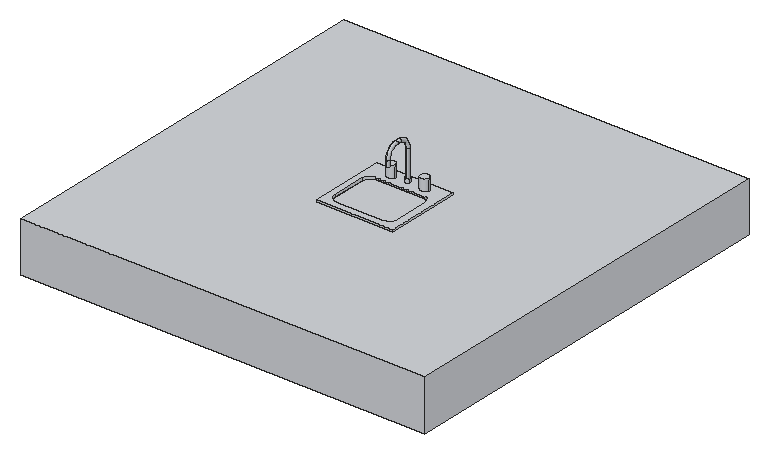
Revit family "M_Pia - Ilha - Simples", category Peças hidrossanitárias, Revit 2019
Family settings
  Hospedeiro = Face
  Cota do conector redondo = Usar raio
  Tipo de parte = Normal
  Número OmniClass = 23.45.05.14.14
  Título OmniClass = Sinks/Lavatories
  ID de item do Seek = Sink - Island - Single-0000-CAN-ENU
  Corte com vazios quando carregada = Não
  Compartilhado = Não
  Ponto de cálculo do ambiente = Não
Parameters (values of type "455 mmx455 mm - Público")
  WFU = 2
  Largura da pia = 455 mm
  Material da pia = none
  Comprimento da pia = 455 mm
  Raio do sanitário = 20 mm
  Raio da água quente = 7.5 mm
  Diâmetro da água quente = Raio da água quente * 2  # 15 mm
  HWFU = 3
  Pressão do fluxo [instance] = 55158.0 Pa
  Material da torneira = none
  Diâmetro do sanitário = Raio do sanitário * 2  # 40 mm
  Profundidade da pia = 203 mm
  Default Elevation = 0 mm
  Raio da água gelada = 7.5 mm
  Diâmetro da água gelada = Raio da água gelada * 2  # 15 mm
  CWFU = 3
  Assembly Code = ""
Types (2, lengths in mm): name | HWFU | CWFU
  455 mmx455 mm - Público | 3 | 3
  455 mmx455 mm - Privado | 1 | 1
Reference planes
  plane 1 "Centro (Frente/Trás)": y = 0
  plane 2: z = 0
  plane 3 "Centro (Esquerda/Direita)": x = 0
  plane 4: x = -101.6
  plane 5: x = 101.6
  plane 6: y = 173.795
  plane 7: y = 173.795
  plane 8: y = 173.795
  plane 9: z = 263.525
  plane 10: y = 24.57
  plane 11: z = -212.525
  plane 12: z = -203
  plane 13: z = 12.7
  plane 14: y = 174.046
  plane 15: x = -101.6
  plane 16: x = 101.6
  plane 17: y = -227.5
  plane 18: y = 227.5
  plane 19: x = -228.5
  plane 20: x = 228.5
Forms (mm)
  Extrusion 1, solid
    sketch origin (0, 0, 0) x (1, 0, 0) y (0, 1, 0)
      loop
        line (-1219, 1216.655) -> (-1219, -1221.545) -> (1219.2, -1221.545) -> (1219.2, 1216.655) -> (-1219, 1216.655)
    from 0 to -304.8
  Extrusion 2, solid, material <- "Material da pia"
    sketch origin (-15.689, 0, -914.4) x (1, 0, 0) y (0, 1, 0)
      loop
        line (-212.811, 227.5) -> (-212.811, -227.5) -> (244.189, -227.5) -> (244.189, 227.5) -> (-212.811, 227.5)
      loop
        arc (-123.811, 116.645) -> (-159.732, 101.766) -> (-174.611, 65.845) r 50.8
        line (-174.611, 65.845) -> (-174.611, -138.7)
        arc (-174.611, -138.7) -> (-159.732, -174.621) -> (-123.811, -189.5) r 50.8
        line (-123.811, -189.5) -> (155.389, -189.5)
        arc (155.389, -189.5) -> (191.31, -174.621) -> (206.189, -138.7) r 50.8
        line (206.189, -138.7) -> (206.189, 65.845)
        arc (206.189, 65.845) -> (191.31, 101.766) -> (155.389, 116.645) r 50.8
        line (155.389, 116.645) -> (-123.811, 116.645)
    from 914.4 to 927.1
  Sweep 3, solid, material <- "Material da pia"
    path origin (-15.689, 0, -914.4) x (1, 0, 0) y (0, 1, 0)
      loop
        arc (-123.811, 116.645) -> (-159.732, 101.766) -> (-174.611, 65.845) r 50.8
        line (-174.611, 65.845) -> (-174.611, -138.7)
        arc (-174.611, -138.7) -> (-159.732, -174.621) -> (-123.811, -189.5) r 50.8
        line (-123.811, -189.5) -> (155.389, -189.5)
        arc (155.389, -189.5) -> (191.31, -174.621) -> (206.189, -138.7) r 50.8
        line (206.189, -138.7) -> (206.189, 65.845)
        arc (206.189, 65.845) -> (191.31, 101.766) -> (155.389, 116.645) r 50.8
        line (155.389, 116.645) -> (-123.811, 116.645)
    profile origin (0.1, 0, 0) x (0, 1, 0) y (0, 0, 1)
      loop
        line (116.645, 0) -> (100.111, -185.61)
        arc (100.111, -185.61) -> (94.004, -197.995) -> (81.134, -203) r 19.05
        line (81.134, -203) -> (78.545, -203) -> (78.545, -212.525) -> (122.995, -212.525) -> (122.995, 0) -> (116.645, 0)
  Extrusion 4, solid, material <- "Material da pia"
    sketch origin (-15.689, 0, -914.4) x (1, 0, 0) y (0, 1, 0)
      loop
        arc (-123.811, 78.545) -> (-132.791, 74.826) -> (-136.511, 65.845) r 12.7
        line (-136.511, 65.845) -> (-136.511, -138.7)
        arc (-136.511, -138.7) -> (-132.791, -147.68) -> (-123.811, -151.4) r 12.7
        line (-123.811, -151.4) -> (155.389, -151.4)
        arc (155.389, -151.4) -> (164.369, -147.68) -> (168.089, -138.7) r 12.7
        line (168.089, -138.7) -> (168.089, 65.845)
        arc (168.089, 65.845) -> (164.369, 74.826) -> (155.389, 78.545) r 12.7
        line (155.389, 78.545) -> (-123.811, 78.545)
      loop
        circle (15.689, 0) r 25.4
    from 701.875 to 711.4
  Extrusion 5, solid, material <- "Material da torneira", detail levels fine
    sketch origin (-15.689, 0, -914.4) x (1, 0, 0) y (0, 1, 0)
      loop
        circle (-85.911, 174.046) r 25.4
      loop
        circle (117.289, 174.046) r 25.4
    from 914.4 to 990.6
  Sweep 6, solid, material <- "Material da torneira", detail levels fine
    path origin (0, 0, -914.4) x (0, 1, 0) y (0, 0, 1)
      loop
        line (173.795, 927.1) -> (173.795, 1114.425)
        arc (173.795, 1114.425) -> (155.197, 1159.326) -> (110.295, 1177.925) r 63.5
        line (110.295, 1177.925) -> (88.07, 1177.925)
        arc (88.07, 1177.925) -> (43.169, 1159.326) -> (24.57, 1114.425) r 63.5
        line (24.57, 1114.425) -> (24.57, 1079.5)
    profile origin (15.689, 0, 106.363) x (0, -1, 0) y (1, 0, 0)
      loop
        circle (-173.795, -15.689) r 9.525
  Extrusion 7, solid, material <- "Material da torneira", detail levels fine
    sketch origin (-15.689, 0, -914.4) x (1, 0, 0) y (0, 1, 0)
      loop
        circle (15.689, 173.795) r 12.7
    from 927.1 to 952.5
  Extrusion 8, solid, material <- "Material da pia"
    sketch origin (0, 0, 0) x (1, 0, 0) y (0, 1, 0)
      loop
        circle (0, 0) r 25.4
    from -212.525 to -203
Dimensions and locks
  locked: plane 8 to plane 10 at 149.225
  locked: plane 12 to plane 11 at 9.525
  "Profundidade da pia": level to plane 12
  locked: plane 13 to plane 2 at 12.7
  locked: plane 3 "Centro (Esquerda/Direita)" to plane 16 at 101.6
  plane 15 to plane 3 "Centro (Esquerda/Direita)" = 101.6 mm
  "Largura da pia": plane 17 to plane 18
  equal spacing: plane 17, plane 1 "Centro (Frente/Trás)", plane 18
  plane 19 to plane 20 = 457 mm
  equal spacing: plane 19, plane 3 "Centro (Esquerda/Direita)", plane 20
  radius of Extrusion 8 sketch curve = 25.4 mm
  aligned and locked: plane 2 to Extrusion 1
  aligned and locked: level to Extrusion 1
  aligned and locked: Sweep 3 to Extrusion 4 sketch curve  (x4)
  aligned and locked: Sweep 3 to Extrusion 4
  aligned and locked: Extrusion 7 to Extrusion 2
  aligned and locked: Sweep 6 sketch curve to plane 8
  aligned and locked: plane 9 to Sweep 6 sketch curve
  aligned and locked: plane 10 to Sweep 6 sketch curve
  aligned and locked: Extrusion 2 to plane 2
  aligned and locked: Extrusion 4 to plane 11
  aligned and locked: Sweep 3 to plane 11
  aligned and locked: Sweep 3 to level
  aligned and locked: plane 12 to Sweep 3 sketch curve
  aligned and locked: plane 2 to Sweep 3 sketch curve
  aligned and locked: Extrusion 5 to level
  aligned and locked: Extrusion 2 to plane 18
  aligned and locked: Extrusion 2 to plane 17
  aligned and locked: plane 20 to Extrusion 2
  aligned and locked: plane 19 to Extrusion 2  (x2)
  aligned and locked: plane 1 "Centro (Frente/Trás)" to Extrusion 8 sketch curve
  aligned and locked: plane 3 "Centro (Esquerda/Direita)" to Extrusion 8 sketch curve
  aligned and locked: Extrusion 8 to plane 11
  aligned and locked: plane 12 to Extrusion 8
Automatic sketch dimensions
  Extrusion 2 sketch curve to Extrusion 2 sketch curve = 50.8 mm  (x3)
  Extrusion 2 sketch curve to plane 1 "Centro (Frente/Trás)" = 65.845 mm
  Sweep 3 sketch curve to Sweep 3 sketch curve = 50.8 mm  (x3)
  Sweep 3 sketch curve to plane 1 "Centro (Frente/Trás)" = 65.845 mm
  Sweep 3 sketch curve to profile plane = 0 mm
  profile plane to Sweep 3 sketch curve = 16.534 mm
  Sweep 3 sketch curve to Sweep 3 sketch curve = 18.978 mm
  Sweep 3 sketch curve to Sweep 3 sketch curve = 2.588 mm
  Sweep 3 sketch curve to profile plane = 6.35 mm
  Sweep 3 sketch curve to Sweep 3 sketch curve = 9.525 mm
  Sweep 3 sketch curve to Sweep 3 sketch curve = 17.39 mm
  Extrusion 4 sketch curve to Extrusion 4 sketch curve = 0 mm  (x2)
  Extrusion 4 sketch curve to plane 1 "Centro (Frente/Trás)" = 0 mm
  Extrusion 4 sketch curve to plane 3 "Centro (Esquerda/Direita)" = 0 mm
  Extrusion 4 sketch curve to Extrusion 4 sketch curve = 12.7 mm  (x4)
  Extrusion 4 sketch curve to plane 3 "Centro (Esquerda/Direita)" = 25.4 mm
  Sweep 6 sketch curve to Sweep 6 sketch curve = 63.5 mm
  Sweep 6 sketch curve to Sweep 6 sketch curve = 22.225 mm
  Sweep 6 sketch curve to Sweep 6 sketch curve = 34.925 mm
  level to Sweep 6 sketch curve = 12.7 mm
  Sweep 6 sketch curve to Sweep 6 sketch curve = 0 mm  (x2)
  Sweep 6 sketch curve to profile plane = 0 mm
  profile plane to Sweep 6 sketch curve = 9.525 mm
  Extrusion 7 sketch curve to Extrusion 7 sketch curve = 0 mm  (x2)
  Extrusion 7 sketch curve to plane 7 = 0 mm
  Extrusion 7 sketch curve to plane 3 "Centro (Esquerda/Direita)" = 0 mm
  Extrusion 7 sketch curve to plane 3 "Centro (Esquerda/Direita)" = 12.7 mm
  Extrusion 5 sketch curve to Extrusion 5 sketch curve = 0 mm  (x4)
  Extrusion 5 sketch curve to plane 14 = 0 mm  (x2)
  Extrusion 5 sketch curve to plane 4 = 0 mm
  Extrusion 5 sketch curve to plane 5 = 0 mm
  plane 4 to Extrusion 5 sketch curve = 25.4 mm
  plane 5 to Extrusion 5 sketch curve = 25.4 mm
  plane 17 to Extrusion 2 sketch curve = 88.8 mm
  Extrusion 2 sketch curve to plane 17 = 0 mm
  plane 17 to Sweep 3 sketch curve = 88.8 mm
  plane 18 to Extrusion 2 sketch curve = 0 mm
  Extrusion 2 sketch curve to plane 15 = 37.9 mm
  Extrusion 2 sketch curve to plane 15 = 126.9 mm
  Sweep 3 sketch curve to plane 15 = 37.9 mm
  plane 16 to Extrusion 2 sketch curve = 38.1 mm  (x2)
  Extrusion 2 sketch curve to Extrusion 2 sketch curve = 38 mm
  plane 16 to Sweep 3 sketch curve = 38.1 mm  (x2)
  Extrusion 1 sketch curve to Extrusion 1 sketch curve = 2438.2 mm  (x2)
Connectors
  piping at (101.6, 174.046, 0), diameter 15, driven by "Raio da água gelada", driven by "CWFU", driven by "Pressão do fluxo"
    settings: on Extrusion 5, index 1, connector inside diameter 15 mm, connector length 0 mm, flow factor 0, pipe flow 0.0 L/s, pressure drop 55158.0 Pa, fitting loss kfactor 0, connector angle 0.00°, fixture units 3, engagement length 0 mm, angle of deflection 0.00°, flow configuration 3, flow direction 1, fitting loss method 4, system type 20, joint type 0, gender type 0, connector reference index -1, connector utility 0, adjustable connector no, is connector primary yes, connector description "In"
  piping at (-101.6, 174.046, 0), diameter 15, driven by "HWFU", driven by "Pressão do fluxo", driven by "Raio da água quente"
    settings: on Extrusion 5, index 2, connector inside diameter 15 mm, connector length 0 mm, flow factor 0, pipe flow 0.0 L/s, pressure drop 55158.0 Pa, fitting loss kfactor 0, connector angle 0.00°, fixture units 3, engagement length 0 mm, angle of deflection 0.00°, flow configuration 3, flow direction 1, fitting loss method 4, system type 19, joint type 0, gender type 0, connector reference index -1, connector utility 0, adjustable connector no, is connector primary no, connector description "In"
  piping at (0, 0, -212.525), diameter 40, driven by "WFU", driven by "Raio do sanitário"
    settings: on Extrusion 4, index 3, connector inside diameter 40 mm, connector length 0 mm, flow factor 0, pipe flow 0.0 L/s, pressure drop 0.0 Pa, fitting loss kfactor 0, connector angle 0.00°, fixture units 2, engagement length 0 mm, angle of deflection 0.00°, flow configuration 3, flow direction 1, fitting loss method 0, system type 16, joint type 0, gender type 0, connector reference index -1, connector utility 0, adjustable connector no, is connector primary no, connector description "Saída"
